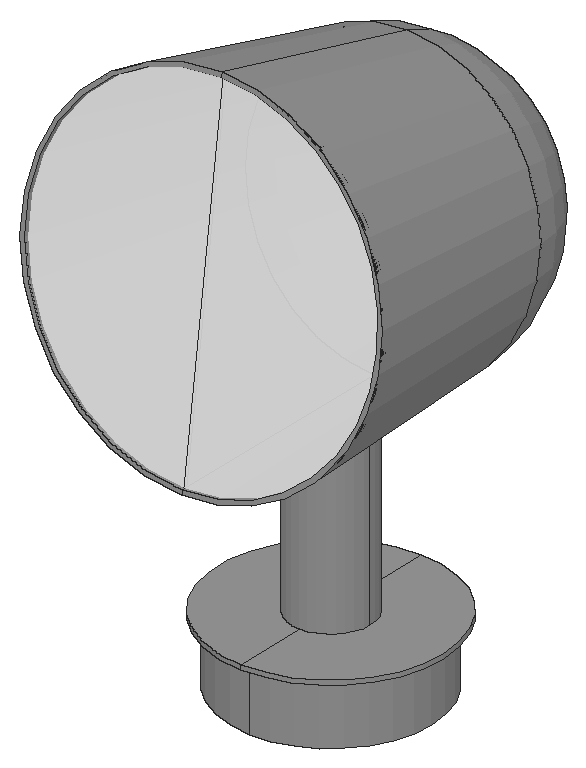
Revit family "Lighting_Wall-Mounted_Zero_Convex_Wall", category Lighting Fixtures, host Face, Revit 2020
Family settings
  Host = Face
  Round Connector Dimension = Use Diameter
  Part Type = Normal
  OmniClass Number = 23.80.70.00
  OmniClass Title = Lighting
  Cut with Voids When Loaded = No
  Light Source = Yes
  Shared = No
  Room Calculation Point = No
Parameters (values of type "Convex wall GU10/max35W Black")
  Youtube clip = ""
  Weight Net (Kg) = "2.1"
  Wattage = 1.54838 W
  WarrantyStartDate [instance] = "n/a"
  WarrantyGuarantorParts = "n/a"
  WarrantyGuarantorLabor = "n/a"
  WarrantyDurationUnit = "Year"
  WarrantyDurationParts = "n/a"
  WarrantyDurationLabor = "n/a"
  WarrantyDescription = "n/a"
  built-in parameter 1150110 = 1 (stored number, unit not read)
  VersionDate = "31/08/2023"  # constant formula
  Version = "3"  # constant formula
  UsageCurrent = 0 A
  Uniformat II Description = ""
  Uniformat II Code = ""
  Uniclass2015Reference = "Pr_70_70_48_85"
  Uniclass2015Description = "Surface luminaires"
  Uniclass2 = "Pr_70_70_49"
  Uniclass 2015 Name = ""
  Uniclass 2015 Code = ""
  Uniclass 2.0 Description = ""
  Uniclass 2.0 Code = ""
  Uniclass 1.4 Description = ""
  Uniclass 1.4 Code = ""
  URL = "https://www.zerolighting.com/convex-inomva"
  UNSPSC Code = ""
  TotalWattage = 35 W
  built-in parameter 1114217 = 1 (stored number, unit not read)
  Tilt Angle = 90.00°
  built-in parameter 1150109 = 1 (stored number, unit not read)
  built-in parameter 1150134 = 3
  Technical description = ""
  TagNumber [instance] = "n/a"
  SustainabilityPerformance = "n/a"
  built-in parameter 1150113 = 1 (stored number, unit not read)
  Size = "160x170x270 mm"
  Shape = "Sculptured"
  SerialNumber [instance] = "n/a"
  Revision = "5"  # constant formula
  ReplacementCost = "n/a"
  Region South America = "None"
  Region Oceania = "AU, NZ"
  Region North America = "BZ, CR, GT, HN, MX, NI, PA, SV, US"
  Region Middle East = "AE"
  Region Europe = "AD, AL, AT, AX, BA, BE, BG, BY, CH, CY, CZ, DE, DK, EE, ES, FI, FO, FR, GB, GG, GI, GR, HR, HU, IE, IM, IS, IT, JE, LI, LT, LU, LV, MC, MD, ME, MK, MT, NL, NO, PL, PT, RO, RS, RU, SE, SI, SJ, SK, SM, UA, VA"
  Region Asia = "HK, JP, SG"
  Region Antarctica = "None"
  Region Africa = "None"
  ProductInformation = "n/a"
  Product group = "Wall fixture"
  Product family = "Convex"
  Product certification = ""
  Product SKU = "Convex_wall_fixture"
  Product Guid = "0163e87b-49f3-4cda-ae40-98aba15a680f"
  Photometric Web File = "Convex82921_IES.IES"
  PhaseReference = "n/a"
  PhaseAngle = 0.00°
  OmniClass Description = ""
  OmniClass Code = ""
  NumberOfSources = 0
  NumberOfPoles = 1
  NominalVoltageCalc = 0 V
  NominalVoltage = 230 V
  NominalRadius = 80 mm
  NominalLength = 270 mm
  NominalFrequencyRange = 50 Hz
  NominalDiameter = 160 mm
  NominalCurrent = 0 A
  Nominal width = 160 mm
  Nominal height = 170 mm
  Name = "Zero_Convex_Wall"  # constant formula
  NBSReference = "90-60-50/405"
  NBSDescription = "General purpose luminaires"
  NBS Reference Description = ""
  NBS Reference Code = ""
  Model = "Convex wall GU10/max35W Black"
  Material secondary = "Steel"
  Material main = "Aluminium"
  Masterformat 2014 Description = ""
  Masterformat 2014 Code = ""
  Manufacturer name = "ZERO"
  Manufacturer country = "Sweden"
  Manufacturer = "Zero"
  ModelReference = "n/a"
  ModelNumber = "8292-1-06"
  Material = "Metal"
  ManufacturersSpecificInformation = "n/a"
  ManufacturerURL = "https://www.zerolighting.com/"
  ManufacturerName = "Zero"
  MaintenanceFactor = 0
  built-in parameter 1150105 = 18.303 (stored number, unit not read)
  Lumens = 230 lm
  built-in parameter 1150115 = 1 (stored number, unit not read)
  LightFixturePlacingType = "Wall"
  LightFixtureMountingType = "Surface"
  LightFixtureMainMaterial = Black
  built-in parameter 1150137 = (empty or 0)
  built-in parameter 1150139 = (empty or 0)
  LensMaterial = Tempered glass
  built-in parameter 1150112 = 1 (stored number, unit not read)
  built-in parameter 1150114 = 1 (stored number, unit not read)
  InsulationStandardClass = "n/a"
  InstallationDate [instance] = "n/a"
  Installation instructions = ""
  built-in parameter 1150132 = 2
  built-in parameter 1150102 = (empty or 0)
  built-in parameter 1150107 = 3200 (stored number, unit not read)
  built-in parameter 1150138 = (empty or 0)
  built-in parameter 1150106 = 0.18303 (stored number, unit not read)
  IfcExportType = "NOTDEFINED"  # constant formula
  IfcExportAs = "IfcLightFixtureType"  # constant formula
  IP_Code = "IP44"
  IFC Classification = ""
  HasProtectiveEarth = no
  Grade = "n/a"
  GTIN code = ""
  Finish = "Painted steel. or galvanized steel. Matt tempered glass."
  Features = "Terminal block 3x4mm2. When HFF 5x4mm2."
  ExpectedLife = "n/a"
  Emit from Circle Diameter = 159 mm
  Emit Shape Visible in Rendering = no
  ElectricalDeviceNominalPower = 0
  built-in parameter 1150104 = 13.8 (stored number, unit not read)
  Edition number = 1
  EANNumber = "n/a"
  DurationUnit = "Year"
  Dimming Lamp Color Temperature Shift = <None>
  Dimming = "None"
  Designer = "Jens Fager"
  Design country = "Sweden"
  Default Elevation = 0 mm
  Date of publishing = ""
  Constituents = "n/a"
  Color Filter = 16777215
  Color = "Black"
  Collection = "Convex"
  CodePerformance = "n/a"
  Category = "Wall"
  COBIe Type Category = ""
  Brand url = "http://www.zero.se"
  Brand = "Zero"
  Barcode [instance] = "n/a"
  built-in parameter 1114218 = 1 (stored number, unit not read)
  BIMObjectName = "Lighting_Wall-Mounted_Zero_Convex_Wall"  # constant formula
  Author = "BIMstone"  # constant formula
  built-in parameter 1150133 = 10 (stored number, unit not read)
  AssetType = "Fixed"
  AssetIdentifier [instance] = "n/a"
  ArticleNumber = "8292-1-06"
  AccessibilityPerformance = "n/a"
Types (9, lengths in mm): name | Wattage | TotalWattage | Photometric Web File | Model | ModelNumber | built-in parameter 1150105 | Lumens | LightFixtureMainMaterial | built-in parameter 1150106 | IP_Code | Dimming | Color | ArticleNumber
  Convex wall GU10/max35W Galvanized | 1.54838 W | 35 W | "Convex82921_IES.IES" | "Convex wall GU10/max35W Galvanized" | "8292-1-83" | 18.303 (stored number, unit not read) | 230 lm | Galvanized Metal | 0.18303 (stored number, unit not read) | "IP44" | "None" | "Galvanized" | "8292-1-83"
  Convex wall GU10/max35W Black | 1.54838 W | 35 W | "Convex82921_IES.IES" | "Convex wall GU10/max35W Black" | "8292-1-06" | 18.303 (stored number, unit not read) | 230 lm | Black | 0.18303 (stored number, unit not read) | "IP44" | "None" | "Black" | "8292-1-06"
  Convex wall GU10/max35W White | 1.54838 W | 35 W | "Convex82921_IES.IES" | "Convex wall GU10/max35W White" | "8292-1-01" | 18.303 (stored number, unit not read) | 230 lm | White steel | 0.18303 (stored number, unit not read) | "IP44" | "None" | "White" | "8292-1-01"
  Convex wall LED 505LM/9W Galvanized | 3.70266 W | 9 W | "Convex82901_IES.IES" | "Convex wall LED 505LM/9W Galvanized" | "8290-1-83" | 43.768 (stored number, unit not read) | 550 lm | Galvanized Metal | 0.43768 (stored number, unit not read) | "IP44" | "" | "Galvanized" | "8290-1-83"
  Convex wall LED 505LM/9W Black | 3.70266 W | 9 W | "Convex82901_IES.IES" | "Convex wall LED 505LM/9W Black" | "8290-1-06" | 43.768 (stored number, unit not read) | 550 lm | Black | 0.43768 (stored number, unit not read) | "IP44" | "None" | "Black" | "8290-1-06"
  Convex wall LED 505LM/9W White | 3.70266 W | 9 W | "Convex82901_IES.IES" | "Convex wall LED 505LM/9W White" | "8290-1-01" | 43.768 (stored number, unit not read) | 550 lm | White steel | 0.43768 (stored number, unit not read) | "IP44" | "None" | "White" | "8290-1-01"
  Convex wall LED 505LM/9W HFF Black | 3.70266 W | 9 W | "Convex82901_IES.IES" | "Convex wall LED 505LM/9W HFF Black" | "8290-1-06HFF" | 43.768 (stored number, unit not read) | 550 lm | Black | 0.43768 (stored number, unit not read) | "IP20" | "Dimmbart drivdon DALI, DSI alt SwitchDim" | "Black" | "8290-1-06HFF"
  Convex wall LED 505LM/9W HFF Galvanized | 3.70266 W | 9 W | "Convex82901_IES.IES" | "Convex wall LED 505LM/9W HFF Galvanized" | "8290-1-83HFF" | 43.768 (stored number, unit not read) | 550 lm | Galvanized Metal | 0.43768 (stored number, unit not read) | "IP20" | "Dimmbart drivdon DALI, DSI alt SwitchDim" | "Galvanized" | "8290-1-83HFF"
  Convex wall LED 505LM/9W HFF White | 3.70266 W | 9 W | "Convex82901_IES.IES" | "Convex wall LED 505LM/9W HFF White" | "8290-1-01HFF" | 43.768 (stored number, unit not read) | 550 lm | White steel | 0.43768 (stored number, unit not read) | "IP20" | "Dimmbart drivdon DALI, DSI alt SwitchDim" | "White" | "8290-1-01HFF"
Reference planes
  plane 1 "Center (Front/Back)": y = 0
  plane 2: z = 0
  plane 3 "Center (Left/Right)": x = 0
  plane 4: y = 85
  plane 5: y = -85
  plane 6: x = -80
  plane 7: x = 80
  plane 8: z = 270
Forms (mm)
  Extrusion 1, solid, material "Black" <- "LightFixtureMainMaterial", detail levels coarse
    sketch origin (0, 0, 0) x (1, 0, 0) y (0, 1, 0)
      loop
        line (-80, 85) -> (-80, -85) -> (80, -85) -> (80, 85) -> (-80, 85)
    from 0 to 270
Dimensions and locks
  equal spacing: plane 4, plane 1 "Center (Front/Back)", plane 5
  plane 4 to plane 5 = 170 mm
  equal spacing: plane 6, plane 3 "Center (Left/Right)", plane 7
  plane 6 to plane 7 = 160 mm
  "NominalLength": plane 8 to host face
  aligned and locked: plane 2 to host face
  aligned and locked: level to host face
  aligned and locked: plane 8 to Extrusion 1
Automatic sketch dimensions
  host sketch curve to host sketch curve = 2438.4 mm  (x2)
  plane 6 to Extrusion 1 sketch curve = 0 mm
  Extrusion 1 sketch curve to plane 7 = 0 mm
  plane 5 to Extrusion 1 sketch curve = 0 mm
  Extrusion 1 sketch curve to plane 4 = 0 mm
Nested families
  nested 1: "Convex-wall" at (0, -1.915, 0), Material1 <- "LightFixtureMainMaterial", Material2 <- "LensMaterial", type "Convex-wall"
    with Material2 Tempered glass, Material1 Black
Connectors
  electrical at (0, -1.915, 0), driven by "NominalVoltage"
    settings: on nested 1, index 1, voltage 230 V, apparent load 0 VA, apparent load phase1 0 VA, apparent load phase2 0 VA, apparent load phase3 0 VA, power factor 1, load classification "Other", number of poles 1, system type 31, power factor state 1, is connector primary yes, connector utility no, sub classification motor no, connector description ""
Definition of nested family "Convex-wall"
  Parameters (values of type "Convex-wall")
    Material2 [instance] = none
    Material1 [instance] = none
    Default Elevation = 0 mm
  Reference planes
    plane 1 "Center (Front/Back)": y = 0
    plane 2: z = 0
    plane 3 "Center (Left/Right)": x = 0
  Forms (mm)
    Revolve 1, solid, material <- "Material1", detail levels medium+fine
      sketch origin (0, -71.753, 191.176) x (0, -0.139173, -0.990268) y (0, 0.990268, -0.139173)
        loop
          line (78.029, 0) -> (80.046, 0) -> (66.138, 105.952)
          arc (66.138, 105.952) -> (43.953, 147.136) -> (0, 163.153) r 65.767
          line (0, 163.153) -> (0, 161.153)
          arc (0, 161.153) -> (42.633, 145.633) -> (64.155, 105.692) r 63.767
          line (64.155, 105.692) -> (78.029, 0)
        axis (0, 163.153) -> (0, 0)
      angle from 0 to 360
    Extrusion 2, solid, material <- "Material1", detail levels medium+fine
      sketch origin (0, -99.687, 191.955) x (1, 0, 0) y (0, 1, 0)
        loop
          circle (0, 99.687) r 17.5
      from -161.955 to -75.798
    Revolve 3, solid, material <- "Material1", detail levels medium+fine
      sketch origin (0, -82.887, 191.955) x (0, 0, -1) y (0, 1, 0)
        loop
          line (161.955, 82.887) -> (191.955, 82.887) -> (191.955, 127.887) -> (163.955, 127.887) -> (163.955, 132.887) -> (161.955, 132.887) -> (161.955, 82.887)
        axis (191.955, 82.887) -> (161.955, 82.887)
      angle from 0 to 360
    Extrusion 4, void
      sketch origin (0, -82.887, 191.955) x (1, 0, 0) y (0, 0, -1)
        loop
          line (-18.462, 70.547) -> (18.252, 70.547) -> (18.252, 77.842)
          arc (18.252, 77.842) -> (-0.105, 80.256) -> (-18.462, 77.842) r 70.985
          line (-18.462, 77.842) -> (-18.462, 70.547)
      from 0 to 250
    Revolve 5, solid, material <- "Material2", detail levels medium+fine
      sketch origin (0, 0, 0) x (0, 1, 0) y (0, 0, 1)
        loop
          line (-70.279, 190.885) -> (-68.794, 190.676) -> (-57.751, 269.251) -> (-59.209, 269.655) -> (-70.279, 190.885)
        axis (-70.279, 190.885) -> (-68.794, 190.676)
      angle from 0 to 360
  Cuts and joins
    Extrusion 4 cuts Extrusion 2
    joined: Revolve 1, Extrusion 2
  Lines and regions (mm)
    symbolic lines, detail levels medium+fine
      curve 1: line (0, 45, 28) -> (0, 45, 0)
      curve 2: line (0, 45, 0) -> (0, -45, 0)
      curve 3: line (0, -45, 0) -> (0, -45, 28)
      curve 4: line (0, -45, 28) -> (0, -50, 28)
      curve 5: line (0, -50, 28) -> (0, -50, 30)
      curve 6: line (0, -50, 30) -> (0, -17.5, 30)
      curve 7: line (0, -17.5, 30) -> (0, -17.5, 110.148)
      curve 8: line (0, -83.085, 110.148) -> (0, -17.5, 110.148)
      curve 9: line (0, -83.085, 110.148) -> (0, -60.613, 270.043)
      curve 10: line (0, -60.613, 270.043) -> (0, 42.705, 241.458)
      curve 11: arc (0, 42.705, 241.458) -> (0, 89.209, 164.642) -> (0, 17.5, 110.595) r 66.979
      curve 12: line (0, 17.5, 110.595) -> (0, 17.5, 30)
      curve 13: line (0, 17.5, 30) -> (0, 50, 30)
      curve 14: line (0, 50, 30) -> (0, 50, 28)
      curve 15: line (0, 50, 28) -> (0, 45, 28)
      curve 18: arc (-66.1, 29.987, 0) -> (-43.892, 71.096, 0) -> (0, 87.115, 0) r 65.831
      curve 19: line (-66.1, 29.987, 0) -> (-79.639, -71.576, 0)
      curve 22: line (-80.108, -71.643, 0) -> (0, -82.885, 0)
      curve 26: arc (66.1, 29.987, 0) -> (43.892, 71.096, 0) -> (0, 87.115, 0) r 65.831
      curve 27: line (66.1, 29.987, 0) -> (79.656, -71.706, 0)
      curve 28: spline (0, 0, 270.043) -> (-19.294, 0, 267.706) -> (-37.45, 0, 260.833) -> (-53.398, 0, 249.828) -> (-66.197, 0, 235.342) -> (-75.093, 0, 218.227) -> (-79.56, 0, 199.494) -> (-79.337, 0, 180.247) -> (-74.435, 0, 161.62) -> (-65.143, 0, 144.713) -> (-52.011, 0, 130.522) -> (-35.811, 0, 119.885) -> (-17.5, 0, 113.427)
      curve 29: line (-17.5, 0, 113.427) -> (-17.5, 0, 30)
      curve 30: line (-17.5, 0, 30) -> (-50, 0, 30)
      curve 31: line (-50, 0, 30) -> (-50, 0, 28)
      curve 32: line (-45, 0, 0) -> (-45, 0, 28)
      curve 33: line (-45, 0, 28) -> (-50, 0, 28)
      curve 34: line (-45, 0, 0) -> (0, 0, 0)
      curve 38: spline (0, 0, 270.043) -> (19.294, 0, 267.706) -> (37.45, 0, 260.833) -> (53.398, 0, 249.828) -> (66.197, 0, 235.342) -> (75.093, 0, 218.227) -> (79.56, 0, 199.494) -> (79.337, 0, 180.247) -> (74.435, 0, 161.62) -> (65.143, 0, 144.713) -> (52.011, 0, 130.522) -> (35.811, 0, 119.885) -> (17.5, 0, 113.427)
      curve 39: line (17.5, 0, 113.427) -> (17.5, 0, 30)
      curve 40: line (17.5, 0, 30) -> (50, 0, 30)
      curve 41: line (50, 0, 30) -> (50, 0, 28)
      curve 42: line (45, 0, 0) -> (45, 0, 28)
      curve 43: line (45, 0, 28) -> (50, 0, 28)
      curve 44: line (45, 0, 0) -> (0, 0, 0)
      curve 49: line (80.108, -71.643, 0) -> (0, -82.885, 0)
    symbolic lines, detail levels fine
      curve 16: line (0, 45, 28) -> (0, -45, 28)
      curve 17: line (0, 17.5, 30) -> (0, -17.5, 30)
      curve 20: line (-80.108, -71.643, 0) -> (-1.905, -60.607, 0)
      curve 21: line (-1.905, -60.607, 0) -> (0, -60.607, 0)
      curve 23: line (0, -60.894, 0) -> (0, -82.613, 0)
      curve 24: line (79.639, -71.576, 0) -> (1.905, -60.607, 0)
      curve 25: line (0, -60.894, 0) -> (0, -82.613, 0)
      curve 35: line (-45, 0, 28) -> (0, 0, 28)
      curve 36: line (-17.5, 0, 30) -> (0, 0, 30)
      curve 37: spline (-17.5, 0, 113.427) -> (-16.062, 0, 113.122) -> (-14.62, 0, 112.843) -> (-13.172, 0, 112.59) -> (-11.719, 0, 112.364) -> (-10.263, 0, 112.164) -> (-8.803, 0, 111.99) -> (-7.341, 0, 111.843) -> (-5.876, 0, 111.723) -> (-4.408, 0, 111.63) -> (-2.94, 0, 111.563) -> (-1.47, 0, 111.523) -> (0, 0, 111.509)
      curve 45: line (45, 0, 28) -> (0, 0, 28)
      curve 46: line (17.5, 0, 30) -> (0, 0, 30)
      curve 47: spline (17.5, 0, 113.427) -> (16.062, 0, 113.122) -> (14.62, 0, 112.843) -> (13.172, 0, 112.59) -> (11.719, 0, 112.364) -> (10.263, 0, 112.164) -> (8.803, 0, 111.99) -> (7.341, 0, 111.843) -> (5.876, 0, 111.723) -> (4.408, 0, 111.63) -> (2.94, 0, 111.563) -> (1.47, 0, 111.523) -> (0, 0, 111.509)
      curve 48: line (1.905, -60.607, 0) -> (0, -60.607, 0)
      curve 50: arc (0, -17.5, 110.148) -> (0, -0.018, 111.811) -> (0, 17.5, 110.595) r 107.131
  Dimensions and locks
    aligned and locked: level to plane 2
